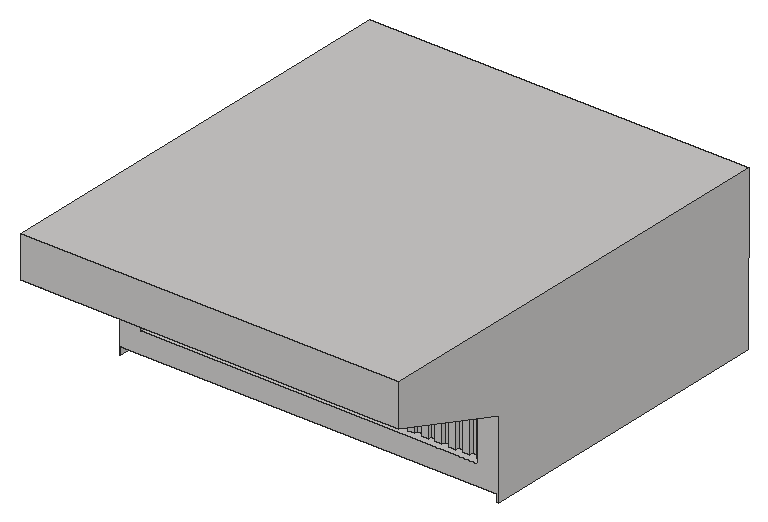
Revit family "QF_ZANUSSI_922734_HOEX61021", category Specialty Equipment, Revit 2018
Family settings
  Round Connector Dimension = Use Diameter
  Part Type = Normal
  Work Plane-Based = No
  Always vertical = Yes
  Cut with Voids When Loaded = No
  Shared = No
  Room Calculation Point = No
Parameters
  Weight = 0.00 kg
  Watts = 0 W
  Volts = 0 V
  URL Manufacturer = "http://www.zanussiprofessional.com"
  URL = "http://www.zanussiprofessional.com"
  Steam Supply Size = 0 mm
  Steam Supply Minimum Pressure = 0.0 Pa
  Steam Supply Maximum Pressure = 0.0 Pa
  Steam Pounds per Hour = 0
  Show Logo [instance] = yes
  Show Clearance [instance] = yes
  Refrigeration Suction Line Size = 0 mm
  Refrigeration Liquid Line Size = 0 mm
  Refrigerant Compressor Remote = yes
  Manufacturer = "Zanussi"
  Phase = 0
  Model = "HOEX61021"
  Length Actual = 1100 mm  # constant formula
  Item Number = "922734"
  Hot Water Size = 0 mm
  Height Actual = 480 mm  # constant formula
  HP = "0 HP"
  Gas Size = 0 mm
  Gas KW = 0
  Gas Input Pressure = 0 W
  Direct Waste Size = 0 mm
  Description = "EXHAUST HOOD WITHOUT FAN FOR 6&10 GN 2/1 OVEN"
  Depth Actual = 1300 mm  # constant formula
  Cycle = 0 Hz
  Condensate Return Size = 0 mm
  Compressed Air Volume = 0.0 L/s
  Compressed Air Size = 0 mm
  Compressed Air Pressure = 0.0 Pa
  Cold Water Size = 0 mm
  Accessory = yes
Reference planes
  plane 1 "Center X": y = 190.351
  plane 2: z = 0
  plane 3 "Center Y": x = -215
  plane 4 "LEFT": x = -760
  plane 5 "BACK": y = 675.851
  plane 6 "RIGHT": x = 330
  plane 7 "FRONT": y = -295.149
  plane 8 "TOP": z = 1728
  plane 9: y = -590.149
  plane 10: x = -764
  plane 11: x = 334
  plane 12: z = 2178
Forms (mm)
  Extrusion 1, solid, material "QF_Clearance", visible <- "Show Clearance", detail levels coarse
    sketch origin (0, 0, 0) x (1, 0, 0) y (0, 1, 0)
      loop
        line (-764, 675.851) -> (334, 675.851) -> (334, 825.851) -> (-764, 825.851) -> (-764, 675.851)
    from 1707 to 2178
  Extrusion 2, solid, material "QF_Clearance", visible <- "Show Clearance", detail levels coarse
    sketch origin (-1150.39, -1524, 2178) x (-1, 0, 0) y (0, -1, 0)
      loop
        line (-386.39, -933.851) -> (-1484.39, -933.851) -> (-1484.39, -2349.851) -> (-386.39, -2349.851) -> (-386.39, -933.851)
    from 450 to 0
  Extrusion 3, solid, material "QF_Finishes_Stainless Steel"
    sketch origin (-215, 0, 0) x (0, 1, 0) y (0, 0, 1)
      loop
        line (675.851, 1728) -> (675.851, 2178) -> (-590.149, 2178) -> (-590.149, 2057.936) -> (-230.149, 1933.979) -> (-230.149, 1728) -> (675.851, 1728)
    from -549 to -489
  Extrusion 4, solid, material "QF_Finishes_Stainless Steel"
    sketch origin (-215, 0, 0) x (0, 1, 0) y (0, 0, 1)
      loop
        line (675.851, 1728) -> (675.851, 2178) -> (-590.149, 2178) -> (-590.149, 2057.936) -> (-230.149, 1933.979) -> (-230.149, 1728) -> (675.851, 1728)
    from 549 to 489
  Extrusion 5, solid, material "QF_Finishes_Stainless Steel"
    sketch origin (-215, 0, 0) x (0, 1, 0) y (0, 0, 1)
      loop
        line (675.851, 1728) -> (675.851, 2178) -> (-590.149, 2178) -> (-590.149, 2057.936) -> (-210.149, 2057.936) -> (-210.149, 1788) -> (-230.149, 1788) -> (-230.149, 1728) -> (675.851, 1728)
    from -489 to 489
  Extrusion 6, solid, material "QF_Finishes_Stainless Steel"
    sketch origin (0, -295.149, 0) x (-1, 0, 0) y (0, 0, 1)
      loop
        line (764, 1728) -> (760, 1728) -> (760, 1707) -> (764, 1707) -> (764, 1728)
      loop
        line (-330, 1728) -> (-334, 1728) -> (-334, 1707) -> (-330, 1707) -> (-330, 1728)
    from 65 to 971
  Extrusion 7, void
    sketch origin (0, 0, 0) x (1, 0, 0) y (0, 1, 0)
      loop
        line (-685, -200.149) -> (-685, -210.149) -> (-665, -210.149) -> (-665, -200.149) -> (-685, -200.149)
      loop
        line (-645, -200.149) -> (-645, -210.149) -> (-625, -210.149) -> (-625, -200.149) -> (-645, -200.149)
      loop
        line (-605, -200.149) -> (-605, -210.149) -> (-585, -210.149) -> (-585, -200.149) -> (-605, -200.149)
      loop
        line (-565, -200.149) -> (-565, -210.149) -> (-545, -210.149) -> (-545, -200.149) -> (-565, -200.149)
      loop
        line (-525, -200.149) -> (-525, -210.149) -> (-505, -210.149) -> (-505, -200.149) -> (-525, -200.149)
      loop
        line (-485, -200.149) -> (-485, -210.149) -> (-465, -210.149) -> (-465, -200.149) -> (-485, -200.149)
      loop
        line (-445, -200.149) -> (-445, -210.149) -> (-425, -210.149) -> (-425, -200.149) -> (-445, -200.149)
      loop
        line (-405, -200.149) -> (-405, -210.149) -> (-385, -210.149) -> (-385, -200.149) -> (-405, -200.149)
      loop
        line (-365, -200.149) -> (-365, -210.149) -> (-345, -210.149) -> (-345, -200.149) -> (-365, -200.149)
      loop
        line (-325, -200.149) -> (-325, -210.149) -> (-305, -210.149) -> (-305, -200.149) -> (-325, -200.149)
      loop
        line (-285, -200.149) -> (-285, -210.149) -> (-265, -210.149) -> (-265, -200.149) -> (-285, -200.149)
      loop
        line (-245, -200.149) -> (-245, -210.149) -> (-225, -210.149) -> (-225, -200.149) -> (-245, -200.149)
      loop
        line (-205, -200.149) -> (-205, -210.149) -> (-185, -210.149) -> (-185, -200.149) -> (-205, -200.149)
      loop
        line (-165, -200.149) -> (-165, -210.149) -> (-145, -210.149) -> (-145, -200.149) -> (-165, -200.149)
      loop
        line (-125, -200.149) -> (-125, -210.149) -> (-105, -210.149) -> (-105, -200.149) -> (-125, -200.149)
      loop
        line (-85, -200.149) -> (-85, -210.149) -> (-65, -210.149) -> (-65, -200.149) -> (-85, -200.149)
      loop
        line (-45, -200.149) -> (-45, -210.149) -> (-25, -210.149) -> (-25, -200.149) -> (-45, -200.149)
      loop
        line (-5, -200.149) -> (-5, -210.149) -> (15, -210.149) -> (15, -200.149) -> (-5, -200.149)
      loop
        line (35, -200.149) -> (35, -210.149) -> (55, -210.149) -> (55, -200.149) -> (35, -200.149)
      loop
        line (75, -200.149) -> (75, -210.149) -> (95, -210.149) -> (95, -200.149) -> (75, -200.149)
      loop
        line (115, -200.149) -> (115, -210.149) -> (135, -210.149) -> (135, -200.149) -> (115, -200.149)
      loop
        line (155, -200.149) -> (155, -210.149) -> (175, -210.149) -> (175, -200.149) -> (155, -200.149)
      loop
        line (195, -200.149) -> (195, -210.149) -> (215, -210.149) -> (215, -200.149) -> (195, -200.149)
      loop
        line (235, -200.149) -> (235, -210.149) -> (255, -210.149) -> (255, -200.149) -> (235, -200.149)
    from 1788 to 2057.936
  Extrusion 8, solid, material "QF_Finishes_Stainless Steel"
    sketch origin (0, 675.851, 0) x (-1, 0, 0) y (0, 0, 1)
      loop
        circle (-309, 2113) r 8
      loop
        circle (215, 1746) r 7
    from 0 to 20
Cuts and joins
  joined: Extrusion 1, Extrusion 2
  Extrusion 7 cuts Extrusion 5
  joined: Extrusion 3, Extrusion 4, Extrusion 5, Extrusion 6, Extrusion 8
Lines and regions (mm)
  symbolic lines, style "QF_Clearances", visible <- "Show Clearance"
    curve 1: line (334, 825.851, 0) -> (-764, 825.851, 0)
  symbolic lines, style "Linee tratto punto"
    curve 2: line (-764, 675.851, 0) -> (334, 675.851, 0)
    curve 3: line (-764, -590.149, 0) -> (-764, 675.851, 0)
    curve 4: line (334, -590.149, 0) -> (-764, -590.149, 0)
    curve 5: line (334, 675.851, 0) -> (334, -590.149, 0)
    curve 16: line (-764, -590.149, 0) -> (334, 675.851, 0)
    curve 17: line (-764, 675.851, 0) -> (334, -590.149, 0)
  symbolic lines
    curve 6: line (-222, 695.851, 0) -> (-208, 695.851, 0)
    curve 7: line (-208, 695.851, 0) -> (-208, 675.851, 0)
    curve 8: line (-222, 695.851, 0) -> (-222, 675.851, 0)
    curve 9: line (317, 695.851, 0) -> (317, 675.851, 0)
    curve 10: line (317, 695.851, 0) -> (301, 695.851, 0)
    curve 11: line (301, 695.851, 0) -> (301, 675.851, 0)
  symbolic lines, style "SpecialityEquipmentHiddenLines"
    curve 12: line (-111, 534.851, 0) -> (189, 534.851, 0)
    curve 13: line (-111, 234.851, 0) -> (-111, 534.851, 0)
    curve 14: line (189, 234.851, 0) -> (-111, 234.851, 0)
    curve 15: line (189, 534.851, 0) -> (189, 234.851, 0)
Dimensions and locks
  equal spacing: plane 4 "LEFT", plane 3 "Center Y", plane 6 "RIGHT"
  plane 10 to plane 11 = 1098 mm
  plane 5 "BACK" to plane 9 = 1266 mm
  equal spacing: plane 5 "BACK", plane 1 "Center X", plane 7 "FRONT"
  locked: plane 10 to plane 4 "LEFT" at 4
  locked: plane 6 "RIGHT" to plane 11 at 4
  cut or joined group of Extrusion 3, Extrusion 4, Extrusion 5, Extrusion 6, Extrusion 7, Extrusion 8 to Extrusion 8 sketch curve = 39 mm
  Extrusion 8 sketch curve to plane 12 = 65 mm
  plane 11 to Extrusion 8 sketch curve = 25 mm
  aligned and locked: level to plane 2
Automatic sketch dimensions
  Extrusion 1 sketch curve to plane 10 = 0 mm
  Extrusion 1 sketch curve to plane 11 = 0 mm
  Extrusion 1 sketch curve to plane 5 "BACK" = 0 mm
  plane 5 "BACK" to Extrusion 1 sketch curve = 150 mm
  Extrusion 2 sketch curve to plane 9 = 0 mm
  Extrusion 2 sketch curve to plane 11 = 0 mm
  Extrusion 2 sketch curve to plane 10 = 0 mm
  plane 5 "BACK" to Extrusion 2 sketch curve = 150 mm
  Extrusion 3 sketch curve to plane 9 = 0 mm
  Extrusion 3 sketch curve to plane 8 "TOP" = 0 mm
  Extrusion 3 sketch curve to plane 5 "BACK" = 0 mm
  Extrusion 3 sketch curve to plane 12 = 0 mm
  plane 7 "FRONT" to Extrusion 3 sketch curve = 65 mm
  plane 8 "TOP" to Extrusion 3 sketch curve = 205.979 mm
  Extrusion 3 sketch curve to Extrusion 3 sketch curve = 120.064 mm
  Extrusion 4 sketch curve to plane 9 = 0 mm
  Extrusion 4 sketch curve to plane 8 "TOP" = 0 mm
  Extrusion 4 sketch curve to plane 5 "BACK" = 0 mm
  Extrusion 4 sketch curve to plane 12 = 0 mm
  plane 7 "FRONT" to Extrusion 4 sketch curve = 65 mm
  plane 8 "TOP" to Extrusion 4 sketch curve = 205.979 mm
  Extrusion 4 sketch curve to Extrusion 4 sketch curve = 120.064 mm
  Extrusion 5 sketch curve to plane 9 = 0 mm
  Extrusion 5 sketch curve to plane 8 "TOP" = 0 mm
  Extrusion 5 sketch curve to plane 5 "BACK" = 0 mm
  Extrusion 5 sketch curve to plane 12 = 0 mm
  plane 7 "FRONT" to Extrusion 5 sketch curve = 65 mm
  plane 7 "FRONT" to Extrusion 5 sketch curve = 85 mm
  plane 8 "TOP" to Extrusion 5 sketch curve = 60 mm
  Extrusion 5 sketch curve to plane 12 = 120.064 mm
  Extrusion 6 sketch curve to plane 8 "TOP" = 0 mm  (x2)
  Extrusion 6 sketch curve to plane 11 = 0 mm
  Extrusion 6 sketch curve to plane 6 "RIGHT" = 0 mm
  Extrusion 6 sketch curve to plane 4 "LEFT" = 0 mm
  Extrusion 6 sketch curve to plane 10 = 0 mm
  Extrusion 6 sketch curve to plane 8 "TOP" = 21 mm
  Extrusion 6 sketch curve to Extrusion 6 sketch curve = 21 mm
  plane 4 "LEFT" to Extrusion 7 sketch curve = 75 mm
  Extrusion 7 sketch curve to Extrusion 7 sketch curve = 20 mm  (x45)
  Extrusion 7 sketch curve to plane 3 "Center Y" = 10 mm
  plane 3 "Center Y" to Extrusion 7 sketch curve = 10 mm
  plane 7 "FRONT" to Extrusion 7 sketch curve = 85 mm  (x2)
  Extrusion 7 sketch curve to Extrusion 7 sketch curve = 0 mm  (x22)
  Extrusion 7 sketch curve to Extrusion 7 sketch curve = 10 mm  (x24)
  Extrusion 8 sketch curve to plane 3 "Center Y" = 0 mm
  curve 1 to plane 10 = 0 mm
  curve 4 to plane 10 = 0 mm
  curve 1 to plane 11 = 0 mm
  curve 16 to plane 5 "BACK" = 0 mm
  curve 16 to plane 11 = 0 mm
  curve 5 to plane 9 = 0 mm
  curve 8 to plane 3 "Center Y" = 7 mm
  plane 3 "Center Y" to curve 6 = 7 mm
  plane 3 "Center Y" to curve 12 = 104 mm
  curve 15 to plane 6 "RIGHT" = 141 mm
  curve 11 to plane 6 "RIGHT" = 29 mm
  curve 9 to plane 6 "RIGHT" = 13 mm
  curve 14 to plane 1 "Center X" = 44.5 mm
  curve 12 to plane 5 "BACK" = 141 mm
  curve 9 to curve 10 = 20 mm
  plane 5 "BACK" to curve 8 = 20 mm
  curve 9 to curve 1 = 130 mm
  radius of Extrusion 8 sketch curve = 8 mm
  radius of Extrusion 8 sketch curve = 7 mm
Connectors
  electrical at (309, 695.851, 2113)
    settings: on cut or joined group of Extrusion 3, Extrusion 4, Extrusion 5, Extrusion 6, Extrusion 7, Extrusion 8, index 1, voltage 0 V, apparent load 0 VA, apparent load phase1 0 VA, apparent load phase2 0 VA, apparent load phase3 0 VA, power factor 1, load classification "Altro", number of poles 1, system type 30, power factor state 1, is connector primary yes, connector utility no, sub classification motor no, connector description "Electrical Connection"
  piping at (-215, 695.851, 1746), diameter 14
    settings: on cut or joined group of Extrusion 3, Extrusion 4, Extrusion 5, Extrusion 6, Extrusion 7, Extrusion 8, index 2, connector inside diameter 609.6 mm, connector length 0 mm, flow factor 0, pipe flow 0.0 L/s, pressure drop 0.0 Pa, fitting loss kfactor 0, connector angle 0.00°, fixture units 0, engagement length 0 mm, angle of deflection 0.00°, flow configuration 1, flow direction 2, fitting loss method 0, system type 16, joint type 0, gender type 0, connector reference index -1, connector utility 0, adjustable connector no, is connector primary yes, connector description "Drain"
